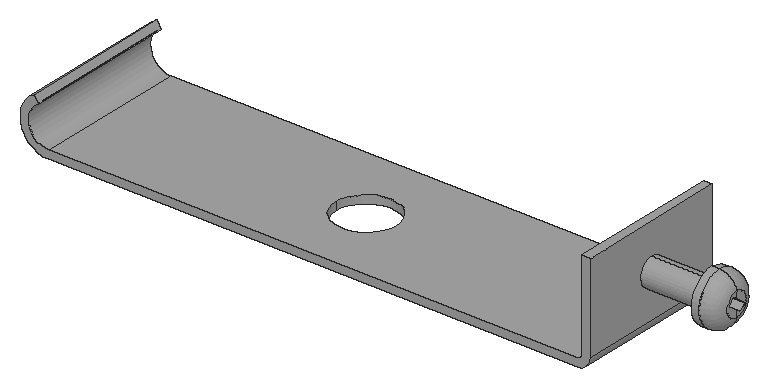
Revit family "Specialty_Equipment-Metal_Raceway-Hubbell_Wiring-Supporting_Clip-HBL3003", category Specialty Equipment, host Face, Revit 2015
Parameters (values of type "HBL3003GY")
  URL = "http://www.hubbell-wiring.com/"
  Product data url = "https://bimobject.com/hubbellwiring/product/hubbell-metal-raceway-hbl3000"
  Product Page URL = "http://ecatalog.hubbell-wiring.com/ProductInformation/ViewCatalog.aspx?Dest=hubbell-wiring.com/press/catalog/r.pdf"
  Product Documentation Link = "http://www.hubbell-wiring.com/press/pdfs/h5233r08.pdf"
  Model = "HB3003GY"
  Manufacturer = "Hubbell Wiring Device Kellems"  # constant formula
  Host Note = "Add in Section View; Host to Wall"  # constant formula
  Description = "Supporting Clip"  # constant formula
  Default Elevation = 48.00"
  Cable Tray Material = Metal-Hubbell-Gray
  B = 0.75"
  Assembly Code = "D5090900"
  A = 2.81"
Types (3): name | Model | Cable Tray Material
  (no name) | "HB3003IV" | Metal-Hubbell-Ivory
  HBL3003IV | "HB3003IV" | Metal-Hubbell-Ivory
  HBL3003GY | "HB3003GY" | Metal-Hubbell-Gray
Reference planes (in)
  plane 1 "Center (Front/Back)": y = 0
  plane 2: z = 0
  plane 3 "Center (Left/Right)": x = 0
  plane 4: z = 0.5
  plane 5: x = 1.405
  plane 6: x = -1.405
  plane 7: y = 0.375
  plane 8: y = -0.375
  plane 9: z = 0.04
  plane 10: through (-1.31376, -180, 0.22761) normal (-0.8761, 0, -0.4821)
  plane 11: x = 1.365
Forms (in)
  Extrusion 1, solid, material "Metal-Hubbell-Gray" <- "Cable Tray Material"
    sketch origin (0, 0, 0) x (1, 0, 0) y (0, 0, 1)
      loop
        arc (-1.26555, 0.04) -> (-1.3624, 0.11511) -> (-1.31376, 0.22761) r 0.1
        line (-1.31376, 0.22761) -> (-1.33305, 0.26265)
        arc (-1.33305, 0.26265) -> (-1.40114, 0.10515) -> (-1.26555, 0) r 0.14
        line (-1.26555, 0) -> (1.345, 0)
        arc (1.345, 0) -> (1.38743, 0.01757) -> (1.405, 0.06) r 0.06
        line (1.405, 0.06) -> (1.405, 0.5) -> (1.365, 0.5) -> (1.365, 0.06)
        arc (1.365, 0.06) -> (1.35914, 0.04586) -> (1.345, 0.04) r 0.02
        line (1.345, 0.04) -> (-1.26555, 0.04)
    from -0.375 to 0.375
  Extrusion 2, void, detail levels medium+fine
    sketch origin (0, 0, 0) x (1, 0, 0) y (0, 1, 0)
      loop
        circle (0, 0) r 0.15
    from 0 to 0.04
  Revolve 3, solid, material "Metal-Hubbell-Gray" <- "Cable Tray Material"
    sketch origin (0, 0, 0) x (1, 0, 0) y (0, 0, 1)
      loop
        line (1.70597, 0.34774) -> (1.35411, 0.34774)
        arc (1.35411, 0.34774) -> (1.34977, 0.31401) -> (1.34938, 0.28) r 0.2923
        line (1.34938, 0.28) -> (1.82594, 0.28) -> (1.82594, 0.33856)
        arc (1.82594, 0.33856) -> (1.79603, 0.38736) -> (1.74208, 0.40647) r 0.08573
        line (1.74208, 0.40647) -> (1.70597, 0.40647) -> (1.70597, 0.34774)
      axis (1.34938, 0.28) -> (1.82594, 0.28)
    angle from 0 to 360
  Extrusion 4, void, detail levels medium+fine
    sketch origin (0, 0, 0) x (0, 1, 0) y (0, 0, 1)
      loop
        circle (0, 0.28) r 0.06774
    from 1.365 to 1.405
  Extrusion 5, void, detail levels medium+fine
    sketch origin (0, 0, 0) x (0, 1, 0) y (0, 0, 1)
      loop
        line (-0.04833, 0.29208) -> (0.02387, 0.23627) -> (0.04833, 0.26792) -> (-0.02387, 0.32373) -> (-0.04833, 0.29208)
    from 1.70597 to 1.82594
Cuts and joins
  Extrusion 2, Extrusion 4 cuts Extrusion 1
  Extrusion 5 cuts Revolve 3
Lines and regions (in)
  symbolic lines
    curve 1: line (-1.405, 0.375, 0) -> (1.405, 0.375, 0)
    curve 2: line (-1.405, -0.375, 0) -> (-1.405, 0.375, 0)
    curve 3: line (1.405, -0.375, 0) -> (-1.405, -0.375, 0)
    curve 4: line (1.405, 0.375, 0) -> (1.405, -0.375, 0)
    curve 5: arc (-1.26555, 0, 0.04) -> (-1.3624, 0, 0.11511) -> (-1.31376, 0, 0.22761) r 0.1
    curve 6: line (-1.31376, 0, 0.22761) -> (-1.33305, 0, 0.26265)
    curve 7: arc (-1.33305, 0, 0.26265) -> (-1.40114, 0, 0.10515) -> (-1.26555, 0, 0) r 0.14
    curve 8: line (1.345, 0, 0.04) -> (-1.26555, 0, 0.04)
    curve 9: line (-1.26555, 0, 0) -> (1.345, 0, 0)
    curve 10: arc (1.365, 0, 0.06) -> (1.35914, 0, 0.04586) -> (1.345, 0, 0.04) r 0.02
    curve 11: arc (1.345, 0, 0) -> (1.38743, 0, 0.01757) -> (1.405, 0, 0.06) r 0.06
    curve 12: line (1.405, 0, 0.06) -> (1.405, 0, 0.5)
    curve 13: line (1.405, 0, 0.5) -> (1.365, 0, 0.5)
    curve 14: line (1.365, 0, 0.5) -> (1.365, 0, 0.06)
    curve 15: line (0, 0.375, 0.5) -> (0, -0.375, 0.5)
    curve 16: line (0, 0.375, 0) -> (0, 0.375, 0.5)
    curve 17: line (0, -0.375, 0) -> (0, 0.375, 0)
    curve 18: line (0, -0.375, 0.5) -> (0, -0.375, 0)
Dimensions and locks (in)
  plane 4 to host face = 0.50"
  plane 4 to plane 2 = 0.50"
  equal spacing: plane 6, plane 3 "Center (Left/Right)", plane 5
  "A": plane 6 to plane 5
  "B": plane 7 to plane 8
  plane 7 to plane 1 "Center (Front/Back)" to plane 8 = 0.375", 0.375"
  locked: plane 5 to plane 11 at 0.04
  locked: plane 9 to plane 2 at 0.04
  radius of Extrusion 2 sketch curve = 0.15"
  angle plane 6 to plane 10 = 28.8254°
  aligned and locked: plane 2 to host face
  aligned and locked: level to host face
  aligned and locked: plane 7 to Extrusion 1
  aligned and locked: plane 8 to Extrusion 1
  aligned and locked: Extrusion 4 sketch curve to Revolve 3  (x2)
  aligned and locked: plane 5 to Extrusion 4
  aligned and locked: curve 1 to cut or joined group of Extrusion 1, Extrusion 2, Extrusion 4
  aligned and locked: curve 3 to cut or joined group of Extrusion 1, Extrusion 2, Extrusion 4
  aligned and locked: curve 4 to cut or joined group of Extrusion 1, Extrusion 2, Extrusion 4
  aligned and locked: curve 2 to plane 6
  aligned and locked: plane 9 to Extrusion 1 sketch curve
  aligned and locked: plane 10 to Extrusion 1 sketch curve
  aligned and locked: plane 2 to Extrusion 1 sketch curve
  aligned and locked: Extrusion 1 sketch curve to plane 5
  aligned and locked: Extrusion 1 sketch curve to plane 4
  aligned and locked: plane 11 to Extrusion 1 sketch curve
  aligned and locked: curve 5 to cut or joined group of Extrusion 1, Extrusion 2, Extrusion 4
  aligned and locked: curve 6 to cut or joined group of Extrusion 1, Extrusion 2, Extrusion 4
  aligned and locked: curve 7 to cut or joined group of Extrusion 1, Extrusion 2, Extrusion 4
  aligned and locked: curve 10 to cut or joined group of Extrusion 1, Extrusion 2, Extrusion 4
  aligned and locked: curve 11 to cut or joined group of Extrusion 1, Extrusion 2, Extrusion 4
  aligned and locked: curve 13 to cut or joined group of Extrusion 1, Extrusion 2, Extrusion 4
  aligned and locked: curve 14 to cut or joined group of Extrusion 1, Extrusion 2, Extrusion 4
  aligned and locked: plane 4 to curve 15
  aligned and locked: plane 7 to curve 16
  aligned and locked: curve 17 to plane 2
  aligned and locked: plane 8 to curve 18
  aligned and locked: Extrusion 1 to Extrusion 2  (x2)
  aligned and locked: Extrusion 5 to Revolve 3
  aligned and locked: Revolve 3 to Extrusion 5
  aligned and locked: Extrusion 1 to Extrusion 4  (x2)
Automatic sketch dimensions
  host sketch curve to host sketch curve = 96.00"  (x2)
  Extrusion 1 sketch curve to Extrusion 1 sketch curve = 0.00"  (x3)
  Extrusion 1 sketch curve to Extrusion 1 sketch curve = 0.04821"
  Extrusion 1 sketch curve to Extrusion 1 sketch curve = 0.02"
  Extrusion 1 sketch curve to Extrusion 1 sketch curve = 0.10"
  plane 1 "Center (Front/Back)" to Extrusion 2 sketch curve = 0.00"
  Extrusion 2 sketch curve to plane 3 "Center (Left/Right)" = 0.00"
  Revolve 3 sketch curve to plane 5 = 0.30128"
  Revolve 3 sketch curve to plane 5 = 0.05563"
  Revolve 3 sketch curve to plane 5 = 0.05089"
  plane 5 to Revolve 3 sketch curve = 0.23636"
  Revolve 3 sketch curve to Revolve 3 sketch curve = 0.06461"
  Revolve 3 sketch curve to Revolve 3 sketch curve = 0.03611"
  Revolve 3 sketch curve to Revolve 3 sketch curve = 0.08386"
  Revolve 3 sketch curve to Revolve 3 sketch curve = 0.37162"
  Revolve 3 sketch curve to plane 4 = 0.22"  (x2)
  Revolve 3 sketch curve to Revolve 3 sketch curve = 0.01362"
  Revolve 3 sketch curve to Revolve 3 sketch curve = 0.027"
  Revolve 3 sketch curve to Revolve 3 sketch curve = 0.05856"
  Extrusion 5 sketch curve to plane 1 "Center (Front/Back)" = 0.02387"
  level to Extrusion 5 sketch curve = 0.23627"
  plane 1 "Center (Front/Back)" to Extrusion 5 sketch curve = 0.02387"
  Extrusion 5 sketch curve to Extrusion 5 sketch curve = 0.02446"
  Extrusion 5 sketch curve to Extrusion 5 sketch curve = 0.03165"
